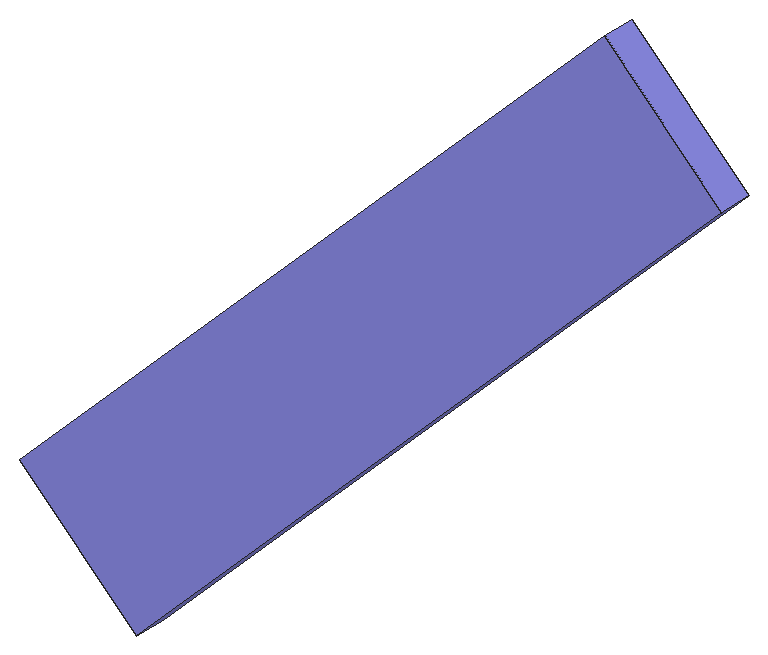
Revit family "配管サポート_角形鋼管(長方形) 1", category Generic Models, Revit 2020
Family settings
  Can host rebar = No
  Round Connector Dimension = Use Diameter
  Part Type = Normal
  Work Plane-Based = Yes
  Always vertical = No
  Cut with Voids When Loaded = No
  Shared = No
  Room Calculation Point = No
Parameters (values of type "100 x 20")
  高さ = 100 mm
  長辺 [instance] = 長さ  # 500 mm
  長さ [instance] = 500 mm
  部屋名 = ""
  角度 [instance] = 45.00°
  Default Elevation = 1219.2 mm
  構造マテリアル = E102_配管サポート
  幅 = 20 mm
Types (20, lengths in mm): name | 高さ | 幅
  50 x 20 | 50 | 20
  50 x 30 | 50 | 30
  60 x 30 | 60 | 30
  75 x 20 | 75 | 20
  75 x 45 | 75 | 45
  80 x 40 | 80 | 40
  90 x 40 | 90 | 40
  100 x 20 | 100 | 20
  100 x 40 | 100 | 40
  100 x 50 | 100 | 50
  125 x 40 | 125 | 40
  125 x 75 | 125 | 75
  150 x 100 | 150 | 100
  150 x 75 | 150 | 75
  150 x 80 | 150 | 80
  200 x 100 | 200 | 100
  200 x 150 | 200 | 150
  300 x 200 | 300 | 200
  350 x 150 | 350 | 150
  400 x 200 | 400 | 200
Reference planes
  plane 1 "中心(正面/背面)": y = 0
  plane 2: z = 0
  plane 3 "中心(左/右)": x = 0
Lines and regions (mm)
  reference lines
    curve 1: line (0, 0, 0) -> (848.528, 0, 848.528)
    curve 2: line (35.355, 0, -35.355) -> (-35.355, 0, 35.355)
    curve 3: line (388.909, 0, 318.198) -> (318.198, 0, 388.909)
Dimensions and locks
  equal spacing: curve 2, curve 1, curve 2
  "高さ": curve 2 to curve 2
  equal spacing: curve 3, curve 1, curve 3
  "高さ": curve 3 to curve 3
  "長さ": curve 2 to curve 3
  "角度": angle level to curve 1
  angle curve 2 to curve 1 = 90.00°
  angle curve 3 to curve 1 = 90.00°
  aligned and locked: level to plane 2
  aligned and locked: level to curve 1
  aligned and locked: plane 3 "中心(左/右)" to curve 1
  aligned and locked: curve 1 to nested 1
Nested families
  nested 1: "グレーチング_角形鋼管(長方形)" at (-36.824, 0, 33.887) x (0, 1, 0) z (0.7071, 0, -0.7071), 長さ <- "長さ", type "50 x 20"
    with 長辺 500 mm, 長さ 500 mm
Definition of nested family "グレーチング_角形鋼管(長方形)"
  Parameters (values of type "50 x 20")
    高さ = 100 mm
    長辺 [instance] = 長さ  # 1000 mm
    長さ [instance] = 1000 mm
    部屋名 = ""
    Default Elevation = 1219.2 mm
    構造マテリアル = none
    幅 = 20 mm
  Reference planes
    plane 1 "中心(正面/背面)": y = 0
    plane 2: z = 0
    plane 3 "中心(左/右)": x = 0
    plane 4: z = 50
    plane 5: z = 100
  Forms (mm)
    Extrusion 1, solid, material <- "構造マテリアル"
      sketch origin (0, 0, 0) x (1, 0, 0) y (0, 1, 0)
        loop
          line (-10, 1000) -> (-10, 0) -> (10, 0) -> (10, 1000) -> (-10, 1000)
      from 0 to 100
  Lines and regions (mm)
    reference lines
      curve 1: line (10, 1000, 0) -> (-10, 1000, 0)
      curve 2: line (10, 0, 0) -> (-10, 0, 0)
  Dimensions and locks
    "長さ": curve 1 to curve 2
    "幅": Extrusion 1 to Extrusion 1
    equal spacing: Extrusion 1, plane 3 "中心(左/右)", Extrusion 1
    "幅": curve 1 to curve 1
    equal spacing: curve 1, plane 3 "中心(左/右)", curve 1
    "幅": curve 2 to curve 2
    equal spacing: curve 2, plane 3 "中心(左/右)", curve 2
    equal spacing: plane 5, plane 4, level
    "高さ": plane 5 to level
    aligned and locked: level to plane 2
    aligned and locked: Extrusion 1 to curve 2
    aligned and locked: curve 1 to Extrusion 1
    aligned and locked: plane 5 to Extrusion 1
  Automatic sketch dimensions
    Extrusion 1 sketch curve to plane 3 "中心(左/右)" = 10 mm
    plane 3 "中心(左/右)" to Extrusion 1 sketch curve = 10 mm
    plane 1 "中心(正面/背面)" to Extrusion 1 sketch curve = 0 mm
    Extrusion 1 sketch curve to plane 1 "中心(正面/背面)" = 1000 mm
    plane 1 "中心(正面/背面)" to curve 2 = 0 mm
